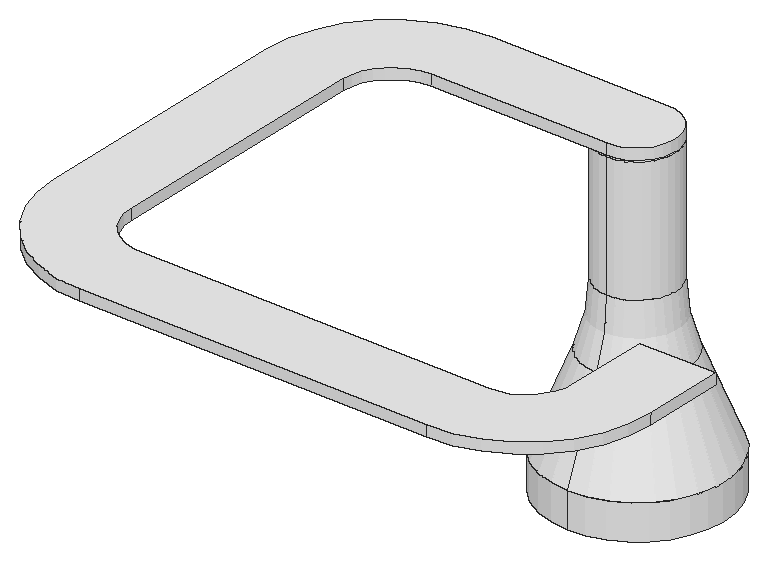
Revit family "Towel_Ring-American_Standard-Aspirations-7061190_Series", category Specialty Equipment, host Face, Revit 2019
Family settings
  Host = Face
  Round Connector Dimension = Use Diameter
  Part Type = Normal
  OmniClass Number = 23.40.20.21.27
  OmniClass Title = Towel Bars
  Cut with Voids When Loaded = No
  Shared = Yes
  Room Calculation Point = No
Parameters (values of type "7061190.002")
  Width = 3 3/4"  # constant formula
  URL = "http://www.americanstandard-us.com"
  Type Comments = ""
  Model = "7061190.002"
  Material = "Metal-American Standard-002-Polished Chrome"
  Manufacturer = "American Standard"
  Length = 6 7/8"  # constant formula
  Installation Type = "Wall Mounted"
  Height = 6 1/2"  # constant formula
  Finish = Metal-American Standard-002-Polished Chrome
  Description = "Towel Ring"
  Default Elevation = 24"
  Creation Date = "04/26/2023"  # constant formula
  Assembly Code = "C1030220"
Types (4): name | Model | Material | Finish
  (no name) | "7061190.002" | "Metal-American Standard-002-Polished Chrome" | Metal-American Standard-002-Polished Chrome
  7061190.002 | "7061190.002" | "Metal-American Standard-002-Polished Chrome" | Metal-American Standard-002-Polished Chrome
  7061190.295 | "7061190.295" | "Metal-American Standard-295-Brushed Nickel" | Metal-American Standard-295-Brushed Nickel
  7061190.243 | "7061190.243" | "Metal-American Standard-243-Matte Black" | Metal-American Standard-243-Matte Black
Reference planes (in)
  plane 1 "Center (Front/Back)": y = 0
  plane 2: z = 0
  plane 3 "Center (Left/Right)": x = 0
  plane 4 "Floor Level": y = -24
  plane 5: y = -1
  plane 6: y = 1
  plane 7: z = 3.75
  plane 8: z = 3.625
  plane 9: y = -5.5
  plane 10: y = 0.4375
  plane 11: x = -3.46812
  plane 12: x = 3.40688
Forms (in)
  Revolve 1, solid, material "Metal-American Standard-002-Polished Chrome" <- "Finish"
    sketch origin (0, 29.80523, 0) x (0, -1, 0) y (0, 0, -1)
      loop
        line (29.80523, 0) -> (28.80523, 0) -> (28.80523, -0.40321) -> (29.22435, -1.44057)
        arc (29.22435, -1.44057) -> (29.33156, -1.80248) -> (29.36773, -2.1782) r 1.9691
        line (29.36773, -2.1782) -> (29.36773, -3.60589)
        arc (29.36773, -3.60589) -> (29.39164, -3.6636) -> (29.44934, -3.6875) r 0.08161
        line (29.44934, -3.6875) -> (29.80523, -3.6875) -> (29.80523, 0)
      axis (29.80523, -3.6875) -> (29.80523, 0)
    angle from 0 to 360
  Extrusion 2, solid, material "Metal-American Standard-002-Polished Chrome" <- "Finish"
    sketch origin (0, 0, 0) x (1, 0, 0) y (0, 1, 0)
      loop
        arc (-2.59312, -1.00195) -> (-2.42779, -0.60282) -> (-2.02867, -0.4375) r 0.56445
        line (-2.02867, -0.4375) -> (0, -0.4375)
        arc (0, -0.4375) -> (0.4375, 0) -> (0, 0.4375) r 0.4375
        line (0, 0.4375) -> (-2.02867, 0.4375)
        arc (-2.02867, 0.4375) -> (-3.04651, 0.01589) -> (-3.46812, -1.00195) r 1.43945
        line (-3.46812, -1.00195) -> (-3.46812, -4.0625)
        arc (-3.46812, -4.0625) -> (-3.04708, -5.07897) -> (-2.03062, -5.5) r 1.4375
        line (-2.03062, -5.5) -> (1.96938, -5.5)
        arc (1.96938, -5.5) -> (2.98585, -5.07897) -> (3.40688, -4.0625) r 1.4375
        line (3.40688, -4.0625) -> (3.40688, -3.125) -> (2.53188, -3.125) -> (2.53188, -4.0625)
        arc (2.53188, -4.0625) -> (2.36713, -4.46025) -> (1.96938, -4.625) r 0.5625
        line (1.96938, -4.625) -> (-2.03062, -4.625)
        arc (-2.03062, -4.625) -> (-2.42836, -4.46025) -> (-2.59312, -4.0625) r 0.5625
        line (-2.59312, -4.0625) -> (-2.59312, -1.00195)
    from 3.625 to 3.75
Lines and regions (in)
  Masking region 1
    outline origin (0, 0, 0) x (1, 0, 0) y (0, 0, 1)
      loop
        line (3.40688, 3.75) -> (-3.46812, 3.75) -> (-3.46812, 3.625) -> (-0.43619, 3.625) -> (-0.43619, 2.16468)
        arc (-0.43619, 2.16468) -> (-0.47078, 1.80542) -> (-0.57329, 1.45937) r 1.88281
        line (-0.57329, 1.45937) -> (-1, 0.40321) -> (-1, 0) -> (1, 0) -> (1, 0.40321) -> (0.57328, 1.45937)
        arc (0.57328, 1.45937) -> (0.47078, 1.80542) -> (0.43619, 2.16468) r 1.8828
        line (0.43619, 2.16468) -> (0.43619, 3.625) -> (3.40688, 3.625) -> (3.40688, 3.75)
  symbolic lines, detail levels medium+fine
    curve 1: line (0.4375, 0, 3.625) -> (-0.43619, 0, 3.625)
    curve 2: line (1, 0, 0.40321) -> (-1, 0, 0.40321)
  symbolic lines, detail levels fine
    curve 3: line (2.53188, 0, 3.75) -> (2.53188, 0, 3.625)
    curve 4: line (0.4375, 0, 3.625) -> (0.4375, 0, 3.75)
Dimensions and locks (in)
  "Default Elevation": plane 4 "Floor Level" to plane 1 "Center (Front/Back)"
  equal spacing: plane 5, plane 1 "Center (Front/Back)", plane 6
  plane 5 to plane 6 = 2"
  plane 7 to host face = 3 3/4"
  locked: plane 7 to plane 8 at 0.125
  "Height": plane 9 to plane 6
  plane 10 to plane 9 = 5 15/16"
  "Length": plane 11 to plane 12
  plane 9 to plane 10 = 5 15/16"
  aligned and locked: plane 2 to host face
  aligned and locked: level to host face
  aligned and locked: Revolve 1 sketch curve to host face
  aligned and locked: plane 9 to Extrusion 2 sketch curve
  aligned and locked: Extrusion 2 sketch curve to plane 12
  aligned and locked: plane 11 to Extrusion 2 sketch curve
  aligned and locked: plane 10 to Extrusion 2 sketch curve
  aligned and locked: plane 7 to Extrusion 2
  aligned and locked: Extrusion 2 to plane 8
  aligned and locked: Masking region 1 sketch curve to Extrusion 2  (x2)
  aligned and locked: Masking region 1 sketch curve to Revolve 1
Automatic sketch dimensions
  host sketch curve to host sketch curve = 96"  (x2)
  Revolve 1 sketch curve to plane 6 = 0"
  Revolve 1 sketch curve to plane 1 "Center (Front/Back)" = 0"  (x2)
  Revolve 1 sketch curve to plane 6 = 1.4066"
  level to Revolve 1 sketch curve = 0.40321"
  Revolve 1 sketch curve to Revolve 1 sketch curve = 1.03735"
  plane 7 to Revolve 1 sketch curve = 3 3/4"
  Revolve 1 sketch curve to level = 5 3/4"
  Revolve 1 sketch curve to plane 7 = 1/16"
  plane 10 to Revolve 1 sketch curve = 0.14338"
  Revolve 1 sketch curve to plane 10 = 0"
  Revolve 1 sketch curve to Revolve 1 sketch curve = 0.08161"
  Extrusion 2 sketch curve to Extrusion 2 sketch curve = 0"  (x6)
  Extrusion 2 sketch curve to plane 3 "Center (Left/Right)" = 0"
  plane 1 "Center (Front/Back)" to Extrusion 2 sketch curve = 0"
  Extrusion 2 sketch curve to Extrusion 2 sketch curve = 9/16"  (x2)
  Extrusion 2 sketch curve to plane 5 = 0.00195"
  Extrusion 2 sketch curve to Extrusion 2 sketch curve = 15/16"
  plane 11 to Masking region 1 sketch curve = 0"
  Masking region 1 sketch curve to plane 8 = 0"
  Masking region 1 sketch curve to plane 12 = 0"
  Masking region 1 sketch curve to plane 11 = 1.14912"
  level to Masking region 1 sketch curve = 0.40321"  (x2)
  Masking region 1 sketch curve to plane 3 "Center (Left/Right)" = 1"
  Masking region 1 sketch curve to plane 3 "Center (Left/Right)" = 0.57329"
  Masking region 1 sketch curve to plane 3 "Center (Left/Right)" = 0.43619"
  plane 3 "Center (Left/Right)" to Masking region 1 sketch curve = 0.43619"
  plane 3 "Center (Left/Right)" to Masking region 1 sketch curve = 0.57328"
  plane 3 "Center (Left/Right)" to Masking region 1 sketch curve = 1"
  Masking region 1 sketch curve to plane 12 = 1.0879"
  Masking region 1 sketch curve to Masking region 1 sketch curve = 1.05615"
  Masking region 1 sketch curve to Masking region 1 sketch curve = 1.05616"
  curve 4 to plane 8 = 0"
  curve 4 to plane 7 = 0"
  curve 3 to plane 8 = 0"
  curve 3 to plane 7 = 0"
  level to curve 2 = 0.40321"
  curve 2 to plane 3 "Center (Left/Right)" = 1"
  curve 1 to plane 3 "Center (Left/Right)" = 0.43619"
  plane 3 "Center (Left/Right)" to curve 4 = 7/16"
  plane 3 "Center (Left/Right)" to curve 2 = 1"
  curve 3 to plane 12 = 7/8"
